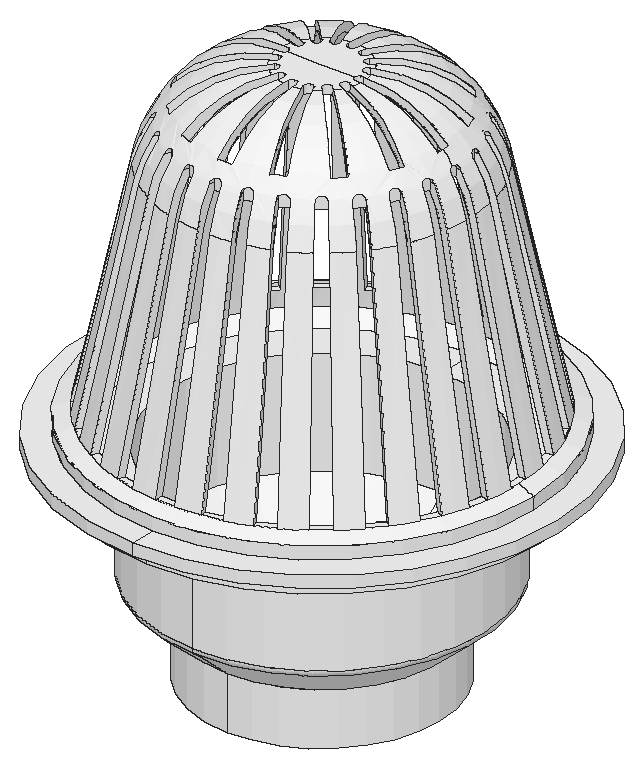
Revit family "R100", category Plumbing Fixtures, host Face, Revit 2018
Family settings
  Host = Face
  Round Connector Dimension = Use Radius
  Part Type = Normal
  Cut with Voids When Loaded = No
  Shared = No
  Room Calculation Point = No
Parameters (values of type "R104_4" Drain Pipe Size")
  WFU = 0
  URL = "WWW.MIFAB.COM"
  Pipe Radius = Pipe Diameter / 2  # 0' - 2"
  Pipe Diameter = 0' - 4"
  Model = "R104"
  Manufacturer = "MIFAB"
  Floor Drain Material = Paint - Sherwin Williams Paint - #952C2A - Bellwood Red
  Description = "PVC OR ABS ROOF DRAIN WITH 8” DIAMETER FLANGE"
  Default Elevation = 0' - 0"
  CWFU = 0
  Body Height = 0' - 3 3/4"
  Assembly Code = ""
Types (4): name | Pipe Radius | Pipe Diameter | Model | Body Height
  (no name) | 0' - 2" | 0' - 4" | "R104" | 0' - 3 3/4"
  R104_4" Drain Pipe Size | 0' - 2" | 0' - 4" | "R104" | 0' - 3 3/4"
  R103_3" Drain Pipe Size | 0' - 1 1/2" | 0' - 3" | "R103" | 0' - 3 3/4"
  R102_2" Drain Pipe Size | 0' - 1" | 0' - 2" | "R102" | 0' - 2 61/64"
Reference planes (in)
  plane 1 "Center (Front/Back)": y = 0
  plane 2: z = 0
  plane 3 "Center (Left/Right)": x = 0
  plane 4: y = -2
  plane 5: y = 2
  plane 6: x = -2.5
  plane 7: x = 2.5
  plane 8: z = -3.75
  plane 9: z = 5.5
  plane 10: z = -0.09596
  plane 11: x = -4
  plane 12: x = 4
  plane 13: y = -4
  plane 14: y = 4
  plane 15: z = -2.85573
  plane 16: z = -2.7253
Forms (in)
  Revolve 1, solid, material "Paint - Sherwin Williams Paint - #952C2A - Bellwood Red" <- "Floor Drain Material"
    sketch origin (0, 0.04396, -2.375) x (0, 1, 0) y (0, 0, 1)
      loop
        line (-3.62208, 2.375) -> (-4.04396, 2.375) -> (-4.04396, 2.17578) -> (-3.74853, 2.17578) -> (-3.74853, 1.92842) -> (-2.78298, 1.92842) -> (-2.78298, 0.21741)
        arc (-2.78298, 0.21741) -> (-2.7704, 0.15989) -> (-2.73496, 0.11286) r 0.13783
        line (-2.73496, 0.11286) -> (-2.04396, -0.48073) -> (-2.04396, -1.375) -> (-1.84474, -1.375) -> (-1.84474, -0.3503) -> (-2.58376, 0.28454) -> (-2.58376, 2.08137) -> (-3.24107, 2.08137) -> (-3.62208, 2.375)
      axis (-0.04396, 2.375) -> (-0.04396, -1.375)
    angle from 0 to 360
Dimensions and locks (in)
  equal spacing: plane 5, plane 1 "Center (Front/Back)", plane 4
  "Pipe Diameter": plane 5 to plane 4
  "Pipe Radius": plane 1 "Center (Front/Back)" to plane 4
  plane 9 to level = 0' - 5 1/2"
  locked: plane 2 to plane 10 at 0.09596
  equal spacing: plane 11, plane 3 "Center (Left/Right)", plane 12
  plane 11 to plane 12 = 0' - 8"
  plane 13 to plane 14 = 0' - 8"
  "Body Height": level to plane 8
  plane 16 to plane 15 to plane 8 = 0' - 0.13043" locked, 0' - 0.89427" locked
  Revolve 1 sketch curve to Revolve 1 sketch curve to plane 13 = 0' - 0 51/256" locked, 0' - 1.26098" locked
  plane 9 to host face = 0' - 5 1/2"
  aligned and locked: plane 2 to host face
  aligned and locked: level to host face
  aligned and locked: Revolve 1 sketch curve to plane 2
  aligned and locked: plane 8 to Revolve 1 sketch curve
  aligned and locked: plane 15 to Revolve 1 sketch curve
  aligned and locked: plane 16 to Revolve 1 sketch curve
  aligned and locked: plane 1 "Center (Front/Back)" to nested 1
  aligned and locked: plane 3 "Center (Left/Right)" to nested 1
Automatic sketch dimensions
  host sketch curve to host sketch curve = 8' - 0"  (x2)
  Revolve 1 sketch curve to plane 13 = 0' - 0"
  Revolve 1 sketch curve to plane 4 = 0' - 0"
  Revolve 1 sketch curve to plane 1 "Center (Front/Back)" = 0' - 0"
  plane 13 to Revolve 1 sketch curve = 0' - 0.29543"
  Revolve 1 sketch curve to Revolve 1 sketch curve = 0' - 0.12644"
  Revolve 1 sketch curve to plane 10 = 0' - 0.19767"
  Revolve 1 sketch curve to Revolve 1 sketch curve = 0' - 0.38102"
  plane 16 to Revolve 1 sketch curve = 0' - 0.46316"
  Revolve 1 sketch curve to Revolve 1 sketch curve = 0' - 0.04802"
  Revolve 1 sketch curve to Revolve 1 sketch curve = 0' - 0.06139"
  Revolve 1 sketch curve to Revolve 1 sketch curve = 0' - 0 51/256"
  Revolve 1 sketch curve to Revolve 1 sketch curve = 0' - 0.06712"
  Revolve 1 sketch curve to plane 10 = 0' - 0.35062"
  Revolve 1 sketch curve to plane 10 = 0' - 0.10326"
  Revolve 1 sketch curve to plane 8 = 0' - 0 3/4"
  Revolve 1 sketch curve to Revolve 1 sketch curve = 0' - 3 35/64"
Nested families (in)
  nested 1: "Dome Jali" at (0, 0, 0), type "Dome Jali"
Connectors (in)
  piping at (0, 0, -3.75), diameter 4, driven by "Pipe Radius"
    settings: on Revolve 1, index 1, connector inside diameter 24", connector length 0' - 0", flow factor 0, pipe flow 0 GPM, pressure drop 0.00 psi, fitting loss kfactor 0, connector angle 0.00°, fixture units 0, engagement length 0' - 0", angle of deflection 0.00°, flow configuration 0, flow direction 0, fitting loss method 0, system type 7, joint type 0, gender type 0, connector reference index -1, connector utility 0, adjustable connector no, is connector primary yes, connector description ""
Definition of nested family "Dome Jali"
  Parameters (values of type "Dome Jali")
    Floor Drain Material = none
  Reference planes (in)
    plane 1 "Center (Front/Back)": y = 0
    plane 2: z = 0
    plane 3 "Center (Left/Right)": x = 0
  Forms (in)
    Revolve 1, solid, material <- "Floor Drain Material"
      sketch origin (0, 0, 7.5) x (1, 0, 0) y (0, 0, 1)
        loop
          line (3.58729, -7.49805) -> (3.58729, -7.29288) -> (3.32525, -7.19671) -> (2.51192, -3.4474)
          arc (2.51192, -3.4474) -> (1.86982, -2.40693) -> (0.71687, -2) r 1.8368
          line (0.71687, -2) -> (0, -2) -> (0, -2.13281) -> (0.68043, -2.13281)
          arc (0.68043, -2.13281) -> (1.77575, -2.51798) -> (2.38892, -3.50393) r 1.75
          line (2.38892, -3.50393) -> (3.27467, -7.49805) -> (3.58729, -7.49805)
        axis (0, -7.49805) -> (0, -2)
      angle from 0 to 360
    Extrusion 2, void
      sketch origin (0, 0, 0) x (0, 1, 0) y (0, 0, -1)
        loop
          line (0.16735, -0.30329) -> (-0.15627, -0.30329) -> (-0.09398, -4.64836)
          arc (-0.09398, -4.64836) -> (0.00554, -4.74646) -> (0.10506, -4.64836) r 0.09953
          line (0.10506, -4.64836) -> (0.16735, -0.30329)
      from 2.17608 to 4
    Extrusion 3, void
      sketch origin (0, 0, 0) x (1, 0, 0) y (0, 0, -1)
        loop
          line (0.16735, -0.30329) -> (-0.15627, -0.30329) -> (-0.09398, -4.64836)
          arc (-0.09398, -4.64836) -> (0.00554, -4.74646) -> (0.10506, -4.64836) r 0.09953
          line (0.10506, -4.64836) -> (0.16735, -0.30329)
      from 2.17608 to 4
    Extrusion 4, void
      sketch origin (0, 0, 0) x (0.222521, 0.974928, 0) y (0, 0, -1)
        loop
          line (0.16735, -0.30329) -> (-0.15627, -0.30329) -> (-0.09398, -4.64836)
          arc (-0.09398, -4.64836) -> (0.00554, -4.74646) -> (0.10506, -4.64836) r 0.09953
          line (0.10506, -4.64836) -> (0.16735, -0.30329)
      from 2.17608 to 4
    Extrusion 5, void
      sketch origin (0, 0, 0) x (0.433884, 0.900969, 0) y (0, 0, -1)
        loop
          line (0.16735, -0.30329) -> (-0.15627, -0.30329) -> (-0.09398, -4.64836)
          arc (-0.09398, -4.64836) -> (0.00554, -4.74646) -> (0.10506, -4.64836) r 0.09953
          line (0.10506, -4.64836) -> (0.16735, -0.30329)
      from 2.17608 to 4
    Extrusion 6, void
      sketch origin (0, 0, 0) x (0.62349, 0.781831, 0) y (0, 0, -1)
        loop
          line (0.16735, -0.30329) -> (-0.15627, -0.30329) -> (-0.09398, -4.64836)
          arc (-0.09398, -4.64836) -> (0.00554, -4.74646) -> (0.10506, -4.64836) r 0.09953
          line (0.10506, -4.64836) -> (0.16735, -0.30329)
      from 2.17608 to 4
    Extrusion 7, void
      sketch origin (0, 0, 0) x (0.781831, 0.62349, 0) y (0, 0, -1)
        loop
          line (0.16735, -0.30329) -> (-0.15627, -0.30329) -> (-0.09398, -4.64836)
          arc (-0.09398, -4.64836) -> (0.00554, -4.74646) -> (0.10506, -4.64836) r 0.09953
          line (0.10506, -4.64836) -> (0.16735, -0.30329)
      from 2.17608 to 4
    Extrusion 8, void
      sketch origin (0, 0, 0) x (0.900969, 0.433884, 0) y (0, 0, -1)
        loop
          line (0.16735, -0.30329) -> (-0.15627, -0.30329) -> (-0.09398, -4.64836)
          arc (-0.09398, -4.64836) -> (0.00554, -4.74646) -> (0.10506, -4.64836) r 0.09953
          line (0.10506, -4.64836) -> (0.16735, -0.30329)
      from 2.17608 to 4
    Extrusion 9, void
      sketch origin (0, 0, 0) x (0.974928, 0.222521, 0) y (0, 0, -1)
        loop
          line (0.16735, -0.30329) -> (-0.15627, -0.30329) -> (-0.09398, -4.64836)
          arc (-0.09398, -4.64836) -> (0.00554, -4.74646) -> (0.10506, -4.64836) r 0.09953
          line (0.10506, -4.64836) -> (0.16735, -0.30329)
      from 2.17608 to 4
    Extrusion 10, void
      sketch origin (0, 0, 0) x (0, 1, 0) y (0, 0, 1)
        loop
          line (0.16735, 0.30329) -> (0.10506, 4.64836)
          arc (0.10506, 4.64836) -> (0.00554, 4.74646) -> (-0.09398, 4.64836) r 0.09953
          line (-0.09398, 4.64836) -> (-0.15627, 0.30329) -> (0.16735, 0.30329)
      from 2.17608 to 4
    Extrusion 11, void
      sketch origin (0, 0, 0) x (-0.222521, 0.974928, 0) y (0, 0, 1)
        loop
          line (0.16735, 0.30329) -> (0.10506, 4.64836)
          arc (0.10506, 4.64836) -> (0.00554, 4.74646) -> (-0.09398, 4.64836) r 0.09953
          line (-0.09398, 4.64836) -> (-0.15627, 0.30329) -> (0.16735, 0.30329)
      from 2.17608 to 4
    Extrusion 12, void
      sketch origin (0, 0, 0) x (-0.433884, 0.900969, 0) y (0, 0, 1)
        loop
          line (0.16735, 0.30329) -> (0.10506, 4.64836)
          arc (0.10506, 4.64836) -> (0.00554, 4.74646) -> (-0.09398, 4.64836) r 0.09953
          line (-0.09398, 4.64836) -> (-0.15627, 0.30329) -> (0.16735, 0.30329)
      from 2.17608 to 4
    Extrusion 13, void
      sketch origin (0, 0, 0) x (-0.62349, 0.781831, 0) y (0, 0, 1)
        loop
          line (0.16735, 0.30329) -> (0.10506, 4.64836)
          arc (0.10506, 4.64836) -> (0.00554, 4.74646) -> (-0.09398, 4.64836) r 0.09953
          line (-0.09398, 4.64836) -> (-0.15627, 0.30329) -> (0.16735, 0.30329)
      from 2.17608 to 4
    Extrusion 14, void
      sketch origin (0, 0, 0) x (-0.781831, 0.62349, 0) y (0, 0, 1)
        loop
          line (0.16735, 0.30329) -> (0.10506, 4.64836)
          arc (0.10506, 4.64836) -> (0.00554, 4.74646) -> (-0.09398, 4.64836) r 0.09953
          line (-0.09398, 4.64836) -> (-0.15627, 0.30329) -> (0.16735, 0.30329)
      from 2.17608 to 4
    Extrusion 15, void
      sketch origin (0, 0, 0) x (-0.900969, 0.433884, 0) y (0, 0, 1)
        loop
          line (0.16735, 0.30329) -> (0.10506, 4.64836)
          arc (0.10506, 4.64836) -> (0.00554, 4.74646) -> (-0.09398, 4.64836) r 0.09953
          line (-0.09398, 4.64836) -> (-0.15627, 0.30329) -> (0.16735, 0.30329)
      from 2.17608 to 4
    Extrusion 16, void
      sketch origin (0, 0, 0) x (-0.974928, 0.222521, 0) y (0, 0, 1)
        loop
          line (0.16735, 0.30329) -> (0.10506, 4.64836)
          arc (0.10506, 4.64836) -> (0.00554, 4.74646) -> (-0.09398, 4.64836) r 0.09953
          line (-0.09398, 4.64836) -> (-0.15627, 0.30329) -> (0.16735, 0.30329)
      from 2.17608 to 4
    Extrusion 17, void
      sketch origin (0, 0, 0) x (1, 0, 0) y (0, 0, 1)
        loop
          line (0.16735, 0.30329) -> (0.10506, 4.64836)
          arc (0.10506, 4.64836) -> (0.00554, 4.74646) -> (-0.09398, 4.64836) r 0.09953
          line (-0.09398, 4.64836) -> (-0.15627, 0.30329) -> (0.16735, 0.30329)
      from 2.17608 to 4
    Extrusion 18, void
      sketch origin (0, 0, 0) x (0.222521, -0.974928, 0) y (0, 0, 1)
        loop
          line (0.16735, 0.30329) -> (0.10506, 4.64836)
          arc (0.10506, 4.64836) -> (0.00554, 4.74646) -> (-0.09398, 4.64836) r 0.09953
          line (-0.09398, 4.64836) -> (-0.15627, 0.30329) -> (0.16735, 0.30329)
      from 2.17608 to 4
    Extrusion 19, void
      sketch origin (0, 0, 0) x (0.433884, -0.900969, 0) y (0, 0, 1)
        loop
          line (0.16735, 0.30329) -> (0.10506, 4.64836)
          arc (0.10506, 4.64836) -> (0.00554, 4.74646) -> (-0.09398, 4.64836) r 0.09953
          line (-0.09398, 4.64836) -> (-0.15627, 0.30329) -> (0.16735, 0.30329)
      from 2.17608 to 4
    Extrusion 20, void
      sketch origin (0, 0, 0) x (0.62349, -0.781831, 0) y (0, 0, 1)
        loop
          line (0.16735, 0.30329) -> (0.10506, 4.64836)
          arc (0.10506, 4.64836) -> (0.00554, 4.74646) -> (-0.09398, 4.64836) r 0.09953
          line (-0.09398, 4.64836) -> (-0.15627, 0.30329) -> (0.16735, 0.30329)
      from 2.17608 to 4
    Extrusion 21, void
      sketch origin (0, 0, 0) x (0.781831, -0.62349, 0) y (0, 0, 1)
        loop
          line (0.16735, 0.30329) -> (0.10506, 4.64836)
          arc (0.10506, 4.64836) -> (0.00554, 4.74646) -> (-0.09398, 4.64836) r 0.09953
          line (-0.09398, 4.64836) -> (-0.15627, 0.30329) -> (0.16735, 0.30329)
      from 2.17608 to 4
    Extrusion 22, void
      sketch origin (0, 0, 0) x (0.900969, -0.433884, 0) y (0, 0, 1)
        loop
          line (0.16735, 0.30329) -> (0.10506, 4.64836)
          arc (0.10506, 4.64836) -> (0.00554, 4.74646) -> (-0.09398, 4.64836) r 0.09953
          line (-0.09398, 4.64836) -> (-0.15627, 0.30329) -> (0.16735, 0.30329)
      from 2.17608 to 4
    Extrusion 23, void
      sketch origin (0, 0, 0) x (0.974928, -0.222521, 0) y (0, 0, 1)
        loop
          line (0.16735, 0.30329) -> (0.10506, 4.64836)
          arc (0.10506, 4.64836) -> (0.00554, 4.74646) -> (-0.09398, 4.64836) r 0.09953
          line (-0.09398, 4.64836) -> (-0.15627, 0.30329) -> (0.16735, 0.30329)
      from 2.17608 to 4
    Extrusion 24, void
      sketch origin (0, 0, 0) x (-0.222521, -0.974928, 0) y (0, 0, -1)
        loop
          line (0.16735, -0.30329) -> (-0.15627, -0.30329) -> (-0.09398, -4.64836)
          arc (-0.09398, -4.64836) -> (0.00554, -4.74646) -> (0.10506, -4.64836) r 0.09953
          line (0.10506, -4.64836) -> (0.16735, -0.30329)
      from 2.17608 to 4
    Extrusion 25, void
      sketch origin (0, 0, 0) x (-0.433884, -0.900969, 0) y (0, 0, -1)
        loop
          line (0.16735, -0.30329) -> (-0.15627, -0.30329) -> (-0.09398, -4.64836)
          arc (-0.09398, -4.64836) -> (0.00554, -4.74646) -> (0.10506, -4.64836) r 0.09953
          line (0.10506, -4.64836) -> (0.16735, -0.30329)
      from 2.17608 to 4
    Extrusion 26, void
      sketch origin (0, 0, 0) x (-0.62349, -0.781831, 0) y (0, 0, -1)
        loop
          line (0.16735, -0.30329) -> (-0.15627, -0.30329) -> (-0.09398, -4.64836)
          arc (-0.09398, -4.64836) -> (0.00554, -4.74646) -> (0.10506, -4.64836) r 0.09953
          line (0.10506, -4.64836) -> (0.16735, -0.30329)
      from 2.17608 to 4
    Extrusion 27, void
      sketch origin (0, 0, 0) x (-0.781831, -0.62349, 0) y (0, 0, -1)
        loop
          line (0.16735, -0.30329) -> (-0.15627, -0.30329) -> (-0.09398, -4.64836)
          arc (-0.09398, -4.64836) -> (0.00554, -4.74646) -> (0.10506, -4.64836) r 0.09953
          line (0.10506, -4.64836) -> (0.16735, -0.30329)
      from 2.17608 to 4
    Extrusion 28, void
      sketch origin (0, 0, 0) x (-0.900969, -0.433884, 0) y (0, 0, -1)
        loop
          line (0.16735, -0.30329) -> (-0.15627, -0.30329) -> (-0.09398, -4.64836)
          arc (-0.09398, -4.64836) -> (0.00554, -4.74646) -> (0.10506, -4.64836) r 0.09953
          line (0.10506, -4.64836) -> (0.16735, -0.30329)
      from 2.17608 to 4
    Extrusion 29, void
      sketch origin (0, 0, 0) x (-0.974928, -0.222521, 0) y (0, 0, -1)
        loop
          line (0.16735, -0.30329) -> (-0.15627, -0.30329) -> (-0.09398, -4.64836)
          arc (-0.09398, -4.64836) -> (0.00554, -4.74646) -> (0.10506, -4.64836) r 0.09953
          line (0.10506, -4.64836) -> (0.16735, -0.30329)
      from 2.17608 to 4
    Extrusion 30, void
      sketch origin (0, 0, 0) x (1, 0, 0) y (0, 1, 0)
        loop
          line (-0.125, 2.0498) -> (-0.0755, 0.63225)
          arc (-0.0755, 0.63225) -> (0, 0.55935) -> (0.0755, 0.63225) r 0.07554
          line (0.0755, 0.63225) -> (0.125, 2.0498) -> (-0.125, 2.0498)
      from 4.08938 to 6.43132
    Extrusion 31, void
      sketch origin (0, 0, 0) x (0, -1, 0) y (1, 0, 0)
        loop
          line (-0.125, 2.0498) -> (-0.0755, 0.63225)
          arc (-0.0755, 0.63225) -> (0, 0.55935) -> (0.0755, 0.63225) r 0.07554
          line (0.0755, 0.63225) -> (0.125, 2.0498) -> (-0.125, 2.0498)
      from 4.08938 to 6.43132
    Extrusion 32, void
      sketch origin (0, 0, 0) x (0.92388, -0.382683, 0) y (0.382683, 0.92388, 0)
        loop
          line (-0.125, 2.0498) -> (-0.0755, 0.63225)
          arc (-0.0755, 0.63225) -> (0, 0.55935) -> (0.0755, 0.63225) r 0.07554
          line (0.0755, 0.63225) -> (0.125, 2.0498) -> (-0.125, 2.0498)
      from 4.08938 to 6.43132
    Extrusion 33, void
      sketch origin (0, 0, 0) x (0.707107, -0.707107, 0) y (0.707107, 0.707107, 0)
        loop
          line (-0.125, 2.0498) -> (-0.0755, 0.63225)
          arc (-0.0755, 0.63225) -> (0, 0.55935) -> (0.0755, 0.63225) r 0.07554
          line (0.0755, 0.63225) -> (0.125, 2.0498) -> (-0.125, 2.0498)
      from 4.08938 to 6.43132
    Extrusion 34, void
      sketch origin (0, 0, 0) x (0.382683, -0.92388, 0) y (0.92388, 0.382683, 0)
        loop
          line (-0.125, 2.0498) -> (-0.0755, 0.63225)
          arc (-0.0755, 0.63225) -> (0, 0.55935) -> (0.0755, 0.63225) r 0.07554
          line (0.0755, 0.63225) -> (0.125, 2.0498) -> (-0.125, 2.0498)
      from 4.08938 to 6.43132
    Extrusion 35, void
      sketch origin (0, 0, 0) x (0, -1, 0) y (1, 0, 0)
        loop
          line (-0.125, -2.0498) -> (0.125, -2.0498) -> (0.0755, -0.63225)
          arc (0.0755, -0.63225) -> (0, -0.55935) -> (-0.0755, -0.63225) r 0.07554
          line (-0.0755, -0.63225) -> (-0.125, -2.0498)
      from 4.08938 to 6.43132
    Extrusion 36, void
      sketch origin (0, 0, 0) x (-0.92388, -0.382683, 0) y (0.382683, -0.92388, 0)
        loop
          line (-0.125, -2.0498) -> (0.125, -2.0498) -> (0.0755, -0.63225)
          arc (0.0755, -0.63225) -> (0, -0.55935) -> (-0.0755, -0.63225) r 0.07554
          line (-0.0755, -0.63225) -> (-0.125, -2.0498)
      from 4.08938 to 6.43132
    Extrusion 37, void
      sketch origin (0, 0, 0) x (-0.707107, -0.707107, 0) y (0.707107, -0.707107, 0)
        loop
          line (-0.125, -2.0498) -> (0.125, -2.0498) -> (0.0755, -0.63225)
          arc (0.0755, -0.63225) -> (0, -0.55935) -> (-0.0755, -0.63225) r 0.07554
          line (-0.0755, -0.63225) -> (-0.125, -2.0498)
      from 4.08938 to 6.43132
    Extrusion 38, void
      sketch origin (0, 0, 0) x (-0.382683, -0.92388, 0) y (0.92388, -0.382683, 0)
        loop
          line (-0.125, -2.0498) -> (0.125, -2.0498) -> (0.0755, -0.63225)
          arc (0.0755, -0.63225) -> (0, -0.55935) -> (-0.0755, -0.63225) r 0.07554
          line (-0.0755, -0.63225) -> (-0.125, -2.0498)
      from 4.08938 to 6.43132
    Extrusion 39, void
      sketch origin (0, 0, 0) x (1, 0, 0) y (0, 1, 0)
        loop
          line (-0.125, -2.0498) -> (0.125, -2.0498) -> (0.0755, -0.63225)
          arc (0.0755, -0.63225) -> (0, -0.55935) -> (-0.0755, -0.63225) r 0.07554
          line (-0.0755, -0.63225) -> (-0.125, -2.0498)
      from 4.08938 to 6.43132
    Extrusion 40, void
      sketch origin (0, 0, 0) x (0.92388, 0.382683, 0) y (-0.382683, 0.92388, 0)
        loop
          line (-0.125, -2.0498) -> (0.125, -2.0498) -> (0.0755, -0.63225)
          arc (0.0755, -0.63225) -> (0, -0.55935) -> (-0.0755, -0.63225) r 0.07554
          line (-0.0755, -0.63225) -> (-0.125, -2.0498)
      from 4.08938 to 6.43132
    Extrusion 41, void
      sketch origin (0, 0, 0) x (0.707107, 0.707107, 0) y (-0.707107, 0.707107, 0)
        loop
          line (-0.125, -2.0498) -> (0.125, -2.0498) -> (0.0755, -0.63225)
          arc (0.0755, -0.63225) -> (0, -0.55935) -> (-0.0755, -0.63225) r 0.07554
          line (-0.0755, -0.63225) -> (-0.125, -2.0498)
      from 4.08938 to 6.43132
    Extrusion 42, void
      sketch origin (0, 0, 0) x (0.382683, 0.92388, 0) y (-0.92388, 0.382683, 0)
        loop
          line (-0.125, -2.0498) -> (0.125, -2.0498) -> (0.0755, -0.63225)
          arc (0.0755, -0.63225) -> (0, -0.55935) -> (-0.0755, -0.63225) r 0.07554
          line (-0.0755, -0.63225) -> (-0.125, -2.0498)
      from 4.08938 to 6.43132
    Extrusion 43, void
      sketch origin (0, 0, 0) x (-0.92388, 0.382683, 0) y (-0.382683, -0.92388, 0)
        loop
          line (-0.125, 2.0498) -> (-0.0755, 0.63225)
          arc (-0.0755, 0.63225) -> (0, 0.55935) -> (0.0755, 0.63225) r 0.07554
          line (0.0755, 0.63225) -> (0.125, 2.0498) -> (-0.125, 2.0498)
      from 4.08938 to 6.43132
    Extrusion 44, void
      sketch origin (0, 0, 0) x (-0.707107, 0.707107, 0) y (-0.707107, -0.707107, 0)
        loop
          line (-0.125, 2.0498) -> (-0.0755, 0.63225)
          arc (-0.0755, 0.63225) -> (0, 0.55935) -> (0.0755, 0.63225) r 0.07554
          line (0.0755, 0.63225) -> (0.125, 2.0498) -> (-0.125, 2.0498)
      from 4.08938 to 6.43132
    Extrusion 45, void
      sketch origin (0, 0, 0) x (-0.382683, 0.92388, 0) y (-0.92388, -0.382683, 0)
        loop
          line (-0.125, 2.0498) -> (-0.0755, 0.63225)
          arc (-0.0755, 0.63225) -> (0, 0.55935) -> (0.0755, 0.63225) r 0.07554
          line (0.0755, 0.63225) -> (0.125, 2.0498) -> (-0.125, 2.0498)
      from 4.08938 to 6.43132
  Cuts and joins
    Extrusion 2, Extrusion 3, Extrusion 4, Extrusion 5, Extrusion 6, Extrusion 7, Extrusion 8, Extrusion 9, Extrusion 10, Extrusion 11, Extrusion 12, Extrusion 13, Extrusion 14, Extrusion 15, Extrusion 16, Extrusion 17, Extrusion 18, Extrusion 19, Extrusion 20, Extrusion 21, Extrusion 22, Extrusion 23, Extrusion 24, Extrusion 25, Extrusion 26, Extrusion 27, Extrusion 28, Extrusion 29, Extrusion 30, Extrusion 31, Extrusion 32, Extrusion 33, Extrusion 34, Extrusion 35, Extrusion 36, Extrusion 37, Extrusion 38, Extrusion 39, Extrusion 40, Extrusion 41, Extrusion 42, Extrusion 43, Extrusion 44, Extrusion 45 cuts Revolve 1
  Dimensions and locks (in)
    aligned and locked: level to plane 2
